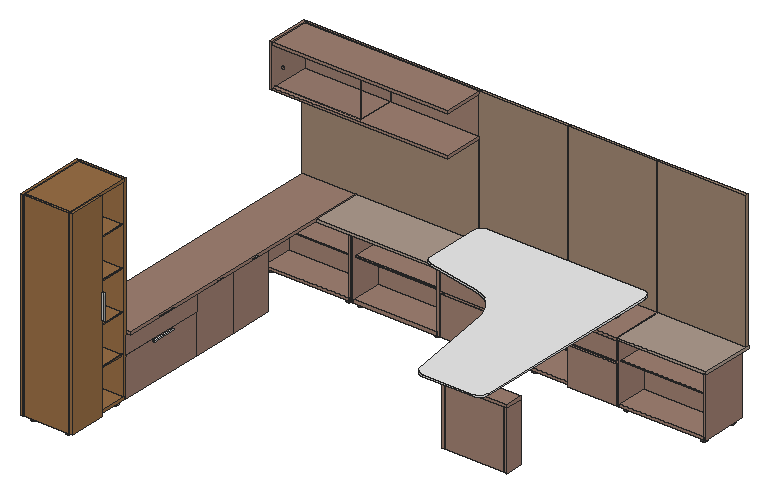
Revit family "OFS TYPICAL T100058", category Furniture, Revit 2022
Family settings
  OmniClass Number = 23.40.20.00
  OmniClass Title = General Furniture and Specialties
  Work Plane-Based = No
  Always vertical = Yes
  Cut with Voids When Loaded = No
  Render Appearance Source = Family Geometry
  Shared = No
  Room Calculation Point = No
Parameters (values of type "T100058")
  URL = "http://ofs.com/"
  Model = "T100058"
  Manufacturer = "OFS"
  Description = "OFS TYPICAL T100058"
  Default Elevation = 0' - 0"
  Copyright © = "©OFS 2024"
  Catalog = ""
  Authoring Version = "Autodesk Revit 2018"
  Assembly Code = "E2020200"
Reference planes (in)
  plane 1 "Center Front/Back": y = 0
  plane 2: z = 0
  plane 3 "Center Left/Right": x = 0
Dimensions and locks (in)
  nested 12 to nested 7 = 12' - 6"
  nested 1 to nested 9 = 10' - 0.0005"
  aligned and locked: level to plane 2
Nested families (in)
  nested 1: "OFS_APTOS_TALL_STORAGE_ HINGED_DOOR_LEFT___OPEN" at (-88.625, -120.0005, 0) x (0, 1, 0) z (0, 0, 1), type "TALL STORAGE, HINGED DOOR LEFT & OPEN 24''"
  nested 2: "OFS APTOS Wallmount Organizer Open End Sliding Glass Door Left" at (-58.625, 0, 0), type "Wallmount Organizer Open End Sliding Glass Door Left 60"
  nested 3: "OFS APTOS Height Adjustable Peninsula Sweep Top 74W 60D Corian Top 18D Right" at (-22.5, -37, 0) x (0, 1, 0) z (0, 0, 1), type "Height Adjustable Peninsula Sweep Top 74W 60D Right Corian Top 18D Right"
    with Worksurface Height 2' - 3", Right Column no, Right 4H4 yes, Left Column no, Left 4H4 no, H4H Height Adjustable Panel Base Option yes
  nested 4: "OFS_APTOS_LOW_HEIGHT_MODULAR_CABINET_TOP_18_DEPTH_SHORT_GRAIN" at (46.5, -8.9375, 0), type "LOW HEIGHT MODULAR CABINET TOP, 18" DEPTH 34-L1830"
  nested 5: "OFS_APTOS_LOW_HEIGHT_MODULAR_CABINET_TOP_18_DEPTH_SHORT_GRAIN" at (-49.5, -8.9375, 0), type "LOW HEIGHT MODULAR CABINET TOP, 18" DEPTH 34-L1842"
  nested 6: "OFS APTOS Filler Panel Low Height End of Run Filler" at (-8, 12, 0), type "Filler Panel Low Height End of Run Filler"
  nested 7: "OFS APTOS Low Height Modular Pedestal Open 18" at (46.5, -2.5, 0), type "Low Height Modular Pedestal Open 30"
  nested 8: "OFS APTOS 18D Low Height Modular Cabinet Top Long Grain" at (-103.5, -48, 0) x (0, 1, 0) z (0, 0, 1), type "18D Low Height Modular Cabinet Top 96" Width"
  nested 9: "OFS APTOS Tackboard Overhead Over Low Height Cabinets" at (-58.625, 0, 0), type "Tackboard Overhead Over Low Height Cabinets 60"
  nested 10: "OFS APTOS Tackboard Low Height Cabinets" at (-13.625, 0, 14.5), type "Tackboard Low Height Cabinets 30"
  nested 11: "OFS APTOS Low Height Modular Pedestal Open 18" at (-43.5, -2.5, 0) x (-1, 0, 0) z (0, 0, 1), type "Low Height Modular Pedestal Open 30"
  nested 12: "OFS APTOS Low Height Modular Pedestal Open 18" at (-73.5, -2.5, 0), type "Low Height Modular Pedestal Open 30"
  nested 13: "OFS APTOS Low Height Modular Pedestal Hinged Door" at (-88.625, -51, 0) x (0, 1, 0) z (0, 0, 1), type "Low Height Modular Pedestal Hinged Door 18" Depth, 30" Width"
  nested 14: "OFS APTOS Low Height Modular Pedestal Box-File" at (-88.625, -81, 0) x (0, -1, 0) z (0, 0, 1), type "Low Height Modular Pedestal Box/File 30"
  nested 15: "OFS APTOS Tackboard Low Height Cabinets" at (16.375, 0, 14.5) x (-1, 0, 0) z (0, 0, 1), type "Tackboard Low Height Cabinets 30"
  nested 16: "OFS APTOS Tackboard Low Height Cabinets" at (46.375, 0, 14.5), type "Tackboard Low Height Cabinets 30"
Definition of nested family "OFS_APTOS_TALL_STORAGE_ HINGED_DOOR_LEFT___OPEN"
  Parameters (values of type "TALL STORAGE, HINGED DOOR RIGHT & OPEN 36'' 2")
    URL = "http://ofsbrands.com/products/casegoods/private-office/aptos"
    Model = "34-3668RSC1"
    Manufacturer = "OFS BRANDS"
    Description = "OFS BRANDS Serie Aptos"
    Default Elevation = 0' - 0"
    Copyright © = "© OFS BRANDS 2016"
    Catalog = "OFS BRANDS http://ofs.com"
    Authoring Version = "Autodesk Revit Architecture 2013"
    Assembly Code = "E2020200"
    34-3668RSC1S = no
    34-3668RSC1 = yes
    34-3668LSC1S = no
    34-3668LSC1 = no
    34-3068RSC1S = no
    34-3068RSC1 = no
    34-3068LSC1S = no
    34-3068LSC1 = no
    34-2468RSC1S = no
    34-2468RSC1 = no
    34-2468LSC1S = no
    34-2468LSC1 = no
  Types (13): name | Model | 34-3668RSC1S | 34-3668RSC1 | 34-3668LSC1S | 34-3668LSC1 | 34-3068RSC1S | 34-3068RSC1 | 34-3068LSC1S | 34-3068LSC1 | 34-2468RSC1S | 34-2468RSC1 | 34-2468LSC1S | 34-2468LSC1
    (no name) | "34-3668RSC1" | no | yes | no | no | no | no | no | no | no | no | no | no
    TALL STORAGE, HINGED DOOR LEFT & OPEN 24'' | "34-2468LSC1S" | no | no | no | no | no | no | no | no | no | no | yes | no
    TALL STORAGE, HINGED DOOR LEFT & OPEN 24'' 2 | "34-2468LSC1" | no | no | no | no | no | no | no | no | no | no | no | yes
    TALL STORAGE, HINGED DOOR LEFT & OPEN 30'' | "34-3068LSC1S" | no | no | no | no | no | no | yes | no | no | no | no | no
    TALL STORAGE, HINGED DOOR LEFT & OPEN 30'' 2 | "34-3068LSC1" | no | no | no | no | no | no | no | yes | no | no | no | no
    TALL STORAGE, HINGED DOOR LEFT & OPEN 36'' | "34-3668LSC1S" | no | no | yes | no | no | no | no | no | no | no | no | no
    TALL STORAGE, HINGED DOOR LEFT & OPEN 36'' 2 | "34-3668LSC1" | no | no | no | yes | no | no | no | no | no | no | no | no
    TALL STORAGE, HINGED DOOR RIGHT & OPEN 24'' | "34-2468RSC1S" | no | no | no | no | no | no | no | no | yes | no | no | no
    TALL STORAGE, HINGED DOOR RIGHT & OPEN 24'' 2 | "34-2468RSC1" | no | no | no | no | no | no | no | no | no | yes | no | no
    TALL STORAGE, HINGED DOOR RIGHT & OPEN 30'' | "34-3068RSC1S" | no | no | no | no | yes | no | no | no | no | no | no | no
    TALL STORAGE, HINGED DOOR RIGHT & OPEN 30'' 2 | "34-3068RSC1" | no | no | no | no | no | yes | no | no | no | no | no | no
    TALL STORAGE, HINGED DOOR RIGHT & OPEN 36'' | "34-3668RSC1S" | yes | no | no | no | no | no | no | no | no | no | no | no
    TALL STORAGE, HINGED DOOR RIGHT & OPEN 36'' 2 | "34-3668RSC1" | no | yes | no | no | no | no | no | no | no | no | no | no
  Reference planes (in)
    plane 1 "Center (Front/Back)": y = 0
    plane 2: z = 0
    plane 3 "Center (Left/Right)": x = 0
  Dimensions and locks (in)
    aligned and locked: level to plane 2
  Nested families (in)
    nested 1: "34-2468LSC1S" at (0, 0, 0), visible <- "34-2468LSC1S", type "34-2468LSC1S"
    nested 2: "34-2468LSC1" at (0, 0, 0), visible <- "34-2468LSC1", type "34-2468LSC1"
    nested 3: "34-2468RSC1S" at (0, 0, 0), visible <- "34-2468RSC1S", type "34-2468RSC1S"
    nested 4: "34-2468RSC1" at (0, 0, 0), visible <- "34-2468RSC1", type "34-2468RSC1"
    nested 5: "34-3068LSC1S" at (0, 0, 0), visible <- "34-3068LSC1S", type "34-3068LSC1S"
    nested 6: "34-3068LSC1" at (0, 0, 0), visible <- "34-3068LSC1", type "34-3068LSC1"
    nested 7: "34-3068RSC1S" at (0, 0, 0), visible <- "34-3068RSC1S", type "34-3068RSC1S"
    nested 8: "34-3068RSC1" at (0, 0, 0), visible <- "34-3068RSC1", type "34-3068RSC1"
    nested 9: "34-3668LSC1S" at (0, 0, 0), visible <- "34-3668LSC1S", type "34-3668LSC1S"
    nested 10: "34-3668LSC1" at (0, 0, 0), visible <- "34-3668LSC1", type "34-3668LSC1"
    nested 11: "34-3668RSC1S" at (0, 0, 0), visible <- "34-3668RSC1S", type "34-3668RSC1S"
    nested 12: "34-3668RSC1" at (0, 0, 0), visible <- "34-3668RSC1", type "34-3668RSC1"
  Definition of nested family "34-2468LSC1S"
    Parameters
      PULL = none
      FOOT_2 = none
      FOOT = none
      FINISH = none
      Default Elevation = 0' - 0"
    Reference planes (in)
      plane 1 "Center (Front/Back)": y = 0
      plane 2: z = 0
      plane 3 "Center (Left/Right)": x = 0
    Forms (in)
      Extrusion 1, solid, material <- "FINISH"
        sketch origin (0.0625, 1.125, 0) x (1, 0, 0) y (0, 0, 1)
          loop
            line (-0.0625, 1.5) -> (0.6875, 1.5) -> (0.6875, 68.49925) -> (-0.0625, 68.49925) -> (-0.0625, 1.5)
        from 2.2505 to 17.68775
      Extrusion 2, solid, material <- "FINISH"
        sketch origin (23.938, 1.125, 0) x (-1, 0, 0) y (0, 0, -1)
          loop
            line (-0.0625, -1.5) -> (-0.0625, -68.49925) -> (0.6875, -68.49925) -> (0.6875, -1.5) -> (-0.0625, -1.5)
        from 2.2505 to 17.68775
      Revolve 3, solid, material <- "FOOT"
        sketch origin (23.9375, -2.9375, 0) x (-1, 0, 0) y (0, 0, -1)
          loop
            line (1.9375, -1.5) -> (1.9375, -0.25) -> (1.12603, -0.25)
            arc (1.12603, -0.25) -> (1.09641, -0.26212) -> (1.08378, -0.29152) r 0.04226
            line (1.08378, -0.29152) -> (1.06268, -1.5) -> (1.9375, -1.5)
          axis (1.9375, -0.25) -> (1.9375, -1.5)
        angle from 0 to 360
      Revolve 4, solid, material <- "FOOT_2"
        sketch origin (22, 0, 0) x (0, 1, 0) y (0, 0, -1)
          loop
            line (-2.84224, -0.25) -> (-2.57818, -0.25) -> (-2.57818, -0.21141) -> (-2.5183, -0.21141)
            arc (-2.5183, -0.21141) -> (-2.4126, -0.1057) -> (-2.5183, 0) r 0.1057
            line (-2.5183, 0) -> (-2.72, 0) -> (-2.72, -0.139) -> (-2.76153, -0.139)
            arc (-2.76153, -0.139) -> (-2.8173, -0.18329) -> (-2.84224, -0.25) r 0.13306
          axis (-2.9375, -0.25) -> (-2.9375, 0)
        angle from 0 to 360
      Revolve 5, solid, material <- "FOOT"
        sketch origin (3.90849, -2.9375, -0.00025) x (-1, 0, 0) y (0, 0, -1)
          loop
            line (1.9375, -1.5) -> (1.9375, -0.25) -> (1.12603, -0.25)
            arc (1.12603, -0.25) -> (1.09641, -0.26212) -> (1.08378, -0.29152) r 0.04226
            line (1.08378, -0.29152) -> (1.06268, -1.5) -> (1.9375, -1.5)
          axis (1.9375, -0.25) -> (1.9375, -1.5)
        angle from 0 to 360
      Revolve 6, solid, material <- "FOOT_2"
        sketch origin (1.97099, 0, -0.00025) x (0, 1, 0) y (0, 0, -1)
          loop
            line (-2.84224, -0.25) -> (-2.57818, -0.25) -> (-2.57818, -0.21141) -> (-2.5183, -0.21141)
            arc (-2.5183, -0.21141) -> (-2.4126, -0.1057) -> (-2.5183, 0) r 0.1057
            line (-2.5183, 0) -> (-2.72, 0) -> (-2.72, -0.139) -> (-2.76153, -0.139)
            arc (-2.76153, -0.139) -> (-2.8173, -0.18329) -> (-2.84224, -0.25) r 0.13306
          axis (-2.9375, -0.25) -> (-2.9375, 0)
        angle from 0 to 360
      Extrusion 7, solid, material <- "FINISH"
        sketch origin (35.97049, 16.7505, 0) x (-1, 0, 0) y (0, 0, -1)
          loop
            line (11.96999, -1.5) -> (11.96999, -68.49925) -> (35.97049, -68.49925) -> (35.97049, -1.5) -> (11.96999, -1.5)
        from 16.7505 to 17.7505
      Extrusion 8, solid, material <- "FINISH"
        sketch origin (24.84599, 1.125, 0) x (1, 0, 0) y (0, 0, 1)
          loop
            line (-24.09599, 1.5) -> (-1.59549, 1.5) -> (-1.59549, 2.49975) -> (-24.09599, 2.49975) -> (-24.09599, 1.5)
        from 2.125 to 17.68775
      Extrusion 9, solid, material <- "FINISH"
        sketch origin (24.84599, 1.125, 65.9995) x (1, 0, 0) y (0, 0, 1)
          loop
            line (-24.09599, 1.71825) -> (-1.59549, 1.71825) -> (-1.59549, 2.49975) -> (-24.09599, 2.49975) -> (-24.09599, 1.71825)
        from 2.2505 to 17.68775
      Revolve 10, solid, material <- "FOOT"
        sketch origin (23.9375, -14.75006, 0) x (-1, 0, 0) y (0, 0, -1)
          loop
            line (1.9375, -1.5) -> (1.9375, -0.25) -> (1.12603, -0.25)
            arc (1.12603, -0.25) -> (1.09641, -0.26212) -> (1.08378, -0.29152) r 0.04226
            line (1.08378, -0.29152) -> (1.06268, -1.5) -> (1.9375, -1.5)
          axis (1.9375, -0.25) -> (1.9375, -1.5)
        angle from 0 to 360
      Revolve 11, solid, material <- "FOOT_2"
        sketch origin (22, -11.81256, 0) x (0, 1, 0) y (0, 0, -1)
          loop
            line (-2.84224, -0.25) -> (-2.57818, -0.25) -> (-2.57818, -0.21141) -> (-2.5183, -0.21141)
            arc (-2.5183, -0.21141) -> (-2.4126, -0.1057) -> (-2.5183, 0) r 0.1057
            line (-2.5183, 0) -> (-2.72, 0) -> (-2.72, -0.139) -> (-2.76153, -0.139)
            arc (-2.76153, -0.139) -> (-2.8173, -0.18329) -> (-2.84224, -0.25) r 0.13306
          axis (-2.9375, -0.25) -> (-2.9375, 0)
        angle from 0 to 360
      Revolve 12, solid, material <- "FOOT"
        sketch origin (3.90849, -14.75006, -0.00025) x (-1, 0, 0) y (0, 0, -1)
          loop
            line (1.9375, -1.5) -> (1.9375, -0.25) -> (1.12603, -0.25)
            arc (1.12603, -0.25) -> (1.09641, -0.26212) -> (1.08378, -0.29152) r 0.04226
            line (1.08378, -0.29152) -> (1.06268, -1.5) -> (1.9375, -1.5)
          axis (1.9375, -0.25) -> (1.9375, -1.5)
        angle from 0 to 360
      Revolve 13, solid, material <- "FOOT_2"
        sketch origin (1.97099, -11.81256, -0.00025) x (0, 1, 0) y (0, 0, -1)
          loop
            line (-2.84224, -0.25) -> (-2.57818, -0.25) -> (-2.57818, -0.21141) -> (-2.5183, -0.21141)
            arc (-2.5183, -0.21141) -> (-2.4126, -0.1057) -> (-2.5183, 0) r 0.1057
            line (-2.5183, 0) -> (-2.72, 0) -> (-2.72, -0.139) -> (-2.76153, -0.139)
            arc (-2.76153, -0.139) -> (-2.8173, -0.18329) -> (-2.84224, -0.25) r 0.13306
          axis (-2.9375, -0.25) -> (-2.9375, 0)
        angle from 0 to 360
      Extrusion 14, solid, material <- "PULL"
        sketch origin (23.98438, 0, 0) x (-1, 0, 0) y (0, -1, 0)
          loop
            line (11.562, 17.7505) -> (11.93339, 17.7505) -> (11.93339, 17.80546)
            arc (11.93339, 17.80546) -> (11.8677, 18.17921) -> (11.93551, 18.55257) r 1.07866
            arc (11.93551, 18.55257) -> (11.74627, 18.71161) -> (11.562, 18.54684) r 0.18868
            arc (11.562, 18.54684) -> (11.6277, 18.17615) -> (11.562, 17.80546) r 1.07866
            line (11.562, 17.80546) -> (11.562, 17.7505)
        from 31.11825 to 39.3745
      Extrusion 15, solid, material <- "FINISH"
        sketch origin (-11.96999, 0.18775, 0) x (1, 0, 0) y (0, 0, 1)
          loop
            line (11.96999, 1.5) -> (24.39236, 1.5) -> (24.39236, 68.49925) -> (11.96999, 68.49925) -> (11.96999, 1.5)
        from 16.7505 to 17.93825
      Extrusion 16, solid, material <- "FINISH"
        sketch origin (0, 0, 0) x (0, 1, 0) y (0, 0, 1)
          loop
            line (-15.8755, 15.12525) -> (-15.8755, 14.87525) -> (-15.2505, 14.25025) -> (-2.438, 14.25025) -> (-2.438, 15.12525) -> (-15.8755, 15.12525)
        from 12.5 to 23.2505
      Extrusion 17, solid, material <- "FINISH"
        sketch origin (12.4375, 1.125, 0) x (-1, 0, 0) y (0, 0, -1)
          loop
            line (-0.0625, -2.49975) -> (-0.0625, -67.71775) -> (0.6875, -67.71775) -> (0.6875, -2.49975) -> (-0.0625, -2.49975)
        from 2.2505 to 17.68775
      Extrusion 18, solid, material <- "FINISH"
        sketch origin (0, 0, 12.8745) x (0, 1, 0) y (0, 0, 1)
          loop
            line (-15.8755, 15.12525) -> (-15.8755, 14.87525) -> (-15.2505, 14.25025) -> (-2.438, 14.25025) -> (-2.438, 15.12525) -> (-15.8755, 15.12525)
        from 12.5 to 23.2505
      Extrusion 19, solid, material <- "FINISH"
        sketch origin (0, 0, 26.21875) x (0, 1, 0) y (0, 0, 1)
          loop
            line (-15.8755, 15.12525) -> (-15.8755, 14.87525) -> (-15.2505, 14.25025) -> (-2.438, 14.25025) -> (-2.438, 15.12525) -> (-15.8755, 15.12525)
        from 12.5 to 23.2505
      Extrusion 20, solid, material <- "FINISH"
        sketch origin (0, 0, 39.53125) x (0, 1, 0) y (0, 0, 1)
          loop
            line (-15.8755, 15.12525) -> (-15.8755, 14.87525) -> (-15.2505, 14.25025) -> (-2.438, 14.25025) -> (-2.438, 15.12525) -> (-15.8755, 15.12525)
        from 12.5 to 23.2505
      Extrusion 21, solid, material <- "FINISH"
        sketch origin (0.0625, -3.376, 0) x (1, 0, 0) y (0, 0, -1)
          loop
            line (0, -1.5) -> (0, -68.43675) -> (0.6875, -68.43675) -> (0.6875, -1.5) -> (0, -1.5)
        from 2.2505 to 2.376
      Extrusion 22, solid, material <- "FINISH"
        sketch origin (23.938, -3.376, 0) x (-1, 0, 0) y (0, 0, 1)
          loop
            line (0, 1.5) -> (0.6875, 1.5) -> (0.6875, 68.43675) -> (0, 68.43675) -> (0, 1.5)
        from 2.2505 to 2.376
    Dimensions and locks (in)
      aligned and locked: level to plane 2
  Definition of nested family "34-2468LSC1"
    Parameters
      PULL = none
      FOOT_2 = none
      FOOT = none
      FINISH = none
      Default Elevation = 0' - 0"
    Reference planes (in)
      plane 1 "Center (Front/Back)": y = 0
      plane 2: z = 0
      plane 3 "Center (Left/Right)": x = 0
    Forms (in)
      Extrusion 1, solid, material <- "FINISH"
        sketch origin (0.0625, 1.125, 0) x (1, 0, 0) y (0, 0, 1)
          loop
            line (-0.0625, 1.5) -> (0.6875, 1.5) -> (0.6875, 68.49925) -> (-0.0625, 68.49925) -> (-0.0625, 1.5)
        from 2.2505 to 23.68825
      Extrusion 2, solid, material <- "FINISH"
        sketch origin (23.938, 1.125, 0) x (-1, 0, 0) y (0, 0, -1)
          loop
            line (-0.0625, -1.5) -> (-0.0625, -68.49925) -> (0.6875, -68.49925) -> (0.6875, -1.5) -> (-0.0625, -1.5)
        from 2.2505 to 23.68825
      Revolve 3, solid, material <- "FOOT"
        sketch origin (23.9375, -2.9375, 0) x (-1, 0, 0) y (0, 0, -1)
          loop
            line (1.9375, -1.5) -> (1.9375, -0.25) -> (1.12603, -0.25)
            arc (1.12603, -0.25) -> (1.09641, -0.26212) -> (1.08378, -0.29152) r 0.04226
            line (1.08378, -0.29152) -> (1.06268, -1.5) -> (1.9375, -1.5)
          axis (1.9375, -0.25) -> (1.9375, -1.5)
        angle from 0 to 360
      Revolve 4, solid, material <- "FOOT_2"
        sketch origin (22, 0, 0) x (0, 1, 0) y (0, 0, -1)
          loop
            line (-2.84224, -0.25) -> (-2.57818, -0.25) -> (-2.57818, -0.21141) -> (-2.5183, -0.21141)
            arc (-2.5183, -0.21141) -> (-2.4126, -0.1057) -> (-2.5183, 0) r 0.1057
            line (-2.5183, 0) -> (-2.72, 0) -> (-2.72, -0.139) -> (-2.76153, -0.139)
            arc (-2.76153, -0.139) -> (-2.8173, -0.18329) -> (-2.84224, -0.25) r 0.13306
          axis (-2.9375, -0.25) -> (-2.9375, 0)
        angle from 0 to 360
      Revolve 5, solid, material <- "FOOT"
        sketch origin (3.90849, -2.9375, -0.00025) x (-1, 0, 0) y (0, 0, -1)
          loop
            line (1.9375, -1.5) -> (1.9375, -0.25) -> (1.12603, -0.25)
            arc (1.12603, -0.25) -> (1.09641, -0.26212) -> (1.08378, -0.29152) r 0.04226
            line (1.08378, -0.29152) -> (1.06268, -1.5) -> (1.9375, -1.5)
          axis (1.9375, -0.25) -> (1.9375, -1.5)
        angle from 0 to 360
      Revolve 6, solid, material <- "FOOT_2"
        sketch origin (1.97099, 0, -0.00025) x (0, 1, 0) y (0, 0, -1)
          loop
            line (-2.84224, -0.25) -> (-2.57818, -0.25) -> (-2.57818, -0.21141) -> (-2.5183, -0.21141)
            arc (-2.5183, -0.21141) -> (-2.4126, -0.1057) -> (-2.5183, 0) r 0.1057
            line (-2.5183, 0) -> (-2.72, 0) -> (-2.72, -0.139) -> (-2.76153, -0.139)
            arc (-2.76153, -0.139) -> (-2.8173, -0.18329) -> (-2.84224, -0.25) r 0.13306
          axis (-2.9375, -0.25) -> (-2.9375, 0)
        angle from 0 to 360
      Extrusion 7, solid, material <- "FINISH"
        sketch origin (35.97049, 16.7505, 0) x (-1, 0, 0) y (0, 0, -1)
          loop
            line (11.96999, -1.5) -> (11.96999, -68.49925) -> (35.97049, -68.49925) -> (35.97049, -1.5) -> (11.96999, -1.5)
        from 16.7505 to 17.7505
      Extrusion 8, solid, material <- "FINISH"
        sketch origin (24.84599, 1.125, 0) x (1, 0, 0) y (0, 0, 1)
          loop
            line (-24.09599, 1.5) -> (-1.59549, 1.5) -> (-1.59549, 2.49975) -> (-24.09599, 2.49975) -> (-24.09599, 1.5)
        from 2.125 to 23.68825
      Extrusion 9, solid, material <- "FINISH"
        sketch origin (24.84599, 1.125, 65.9995) x (1, 0, 0) y (0, 0, 1)
          loop
            line (-24.09599, 1.71825) -> (-1.59549, 1.71825) -> (-1.59549, 2.49975) -> (-24.09599, 2.49975) -> (-24.09599, 1.71825)
        from 2.2505 to 23.68825
      Revolve 10, solid, material <- "FOOT"
        sketch origin (23.9375, -20.75056, 0) x (-1, 0, 0) y (0, 0, -1)
          loop
            line (1.9375, -1.5) -> (1.9375, -0.25) -> (1.12603, -0.25)
            arc (1.12603, -0.25) -> (1.09641, -0.26212) -> (1.08378, -0.29152) r 0.04226
            line (1.08378, -0.29152) -> (1.06268, -1.5) -> (1.9375, -1.5)
          axis (1.9375, -0.25) -> (1.9375, -1.5)
        angle from 0 to 360
      Revolve 11, solid, material <- "FOOT_2"
        sketch origin (22, -17.81306, 0) x (0, 1, 0) y (0, 0, -1)
          loop
            line (-2.84224, -0.25) -> (-2.57818, -0.25) -> (-2.57818, -0.21141) -> (-2.5183, -0.21141)
            arc (-2.5183, -0.21141) -> (-2.4126, -0.1057) -> (-2.5183, 0) r 0.1057
            line (-2.5183, 0) -> (-2.72, 0) -> (-2.72, -0.139) -> (-2.76153, -0.139)
            arc (-2.76153, -0.139) -> (-2.8173, -0.18329) -> (-2.84224, -0.25) r 0.13306
          axis (-2.9375, -0.25) -> (-2.9375, 0)
        angle from 0 to 360
      Revolve 12, solid, material <- "FOOT"
        sketch origin (3.90849, -20.75056, -0.00025) x (-1, 0, 0) y (0, 0, -1)
          loop
            line (1.9375, -1.5) -> (1.9375, -0.25) -> (1.12603, -0.25)
            arc (1.12603, -0.25) -> (1.09641, -0.26212) -> (1.08378, -0.29152) r 0.04226
            line (1.08378, -0.29152) -> (1.06268, -1.5) -> (1.9375, -1.5)
          axis (1.9375, -0.25) -> (1.9375, -1.5)
        angle from 0 to 360
      Revolve 13, solid, material <- "FOOT_2"
        sketch origin (1.97099, -17.81306, -0.00025) x (0, 1, 0) y (0, 0, -1)
          loop
            line (-2.84224, -0.25) -> (-2.57818, -0.25) -> (-2.57818, -0.21141) -> (-2.5183, -0.21141)
            arc (-2.5183, -0.21141) -> (-2.4126, -0.1057) -> (-2.5183, 0) r 0.1057
            line (-2.5183, 0) -> (-2.72, 0) -> (-2.72, -0.139) -> (-2.76153, -0.139)
            arc (-2.76153, -0.139) -> (-2.8173, -0.18329) -> (-2.84224, -0.25) r 0.13306
          axis (-2.9375, -0.25) -> (-2.9375, 0)
        angle from 0 to 360
      Extrusion 14, solid, material <- "PULL"
        sketch origin (23.98438, -6.0005, 0) x (-1, 0, 0) y (0, -1, 0)
          loop
            line (11.562, 17.7505) -> (11.93339, 17.7505) -> (11.93339, 17.80546)
            arc (11.93339, 17.80546) -> (11.8677, 18.17921) -> (11.93551, 18.55257) r 1.07866
            arc (11.93551, 18.55257) -> (11.74627, 18.71161) -> (11.562, 18.54684) r 0.18868
            arc (11.562, 18.54684) -> (11.6277, 18.17615) -> (11.562, 17.80546) r 1.07866
            line (11.562, 17.80546) -> (11.562, 17.7505)
        from 31.11825 to 39.3745
      Extrusion 15, solid, material <- "FINISH"
        sketch origin (-11.96999, -5.81275, 0) x (1, 0, 0) y (0, 0, 1)
          loop
            line (11.96999, 1.5) -> (24.39236, 1.5) -> (24.39236, 68.49925) -> (11.96999, 68.49925) -> (11.96999, 1.5)
        from 16.7505 to 17.93825
      Extrusion 16, solid, material <- "FINISH"
        sketch origin (0, -6, 0) x (0, 1, 0) y (0, 0, 1)
          loop
            line (-15.8755, 15.12525) -> (-15.8755, 14.87525) -> (-15.2505, 14.25025) -> (3.562, 14.25025) -> (3.562, 15.12525) -> (-15.8755, 15.12525)
        from 12.5 to 23.2505
      Extrusion 17, solid, material <- "FINISH"
        sketch origin (12.4375, 1.125, 0) x (-1, 0, 0) y (0, 0, -1)
          loop
            line (-0.0625, -2.49975) -> (-0.0625, -67.71775) -> (0.6875, -67.71775) -> (0.6875, -2.49975) -> (-0.0625, -2.49975)
        from 2.2505 to 23.68825
      Extrusion 18, solid, material <- "FINISH"
        sketch origin (0, -6, 12.8745) x (0, 1, 0) y (0, 0, 1)
          loop
            line (-15.8755, 15.12525) -> (-15.8755, 14.87525) -> (-15.2505, 14.25025) -> (3.562, 14.25025) -> (3.562, 15.12525) -> (-15.8755, 15.12525)
        from 12.5 to 23.2505
      Extrusion 19, solid, material <- "FINISH"
        sketch origin (0, -6, 26.21875) x (0, 1, 0) y (0, 0, 1)
          loop
            line (-15.8755, 15.12525) -> (-15.8755, 14.87525) -> (-15.2505, 14.25025) -> (3.562, 14.25025) -> (3.562, 15.12525) -> (-15.8755, 15.12525)
        from 12.5 to 23.2505
      Extrusion 20, solid, material <- "FINISH"
        sketch origin (0, -6, 39.53125) x (0, 1, 0) y (0, 0, 1)
          loop
            line (-15.8755, 15.12525) -> (-15.8755, 14.87525) -> (-15.2505, 14.25025) -> (3.562, 14.25025) -> (3.562, 15.12525) -> (-15.8755, 15.12525)
        from 12.5 to 23.2505
      Extrusion 21, solid, material <- "FINISH"
        sketch origin (0.0625, -3.376, 0) x (1, 0, 0) y (0, 0, -1)
          loop
            line (0, -1.5) -> (0, -68.43675) -> (0.6875, -68.43675) -> (0.6875, -1.5) -> (0, -1.5)
        from 2.2505 to 2.376
      Extrusion 22, solid, material <- "FINISH"
        sketch origin (23.938, -3.376, 0) x (-1, 0, 0) y (0, 0, 1)
          loop
            line (0, 1.5) -> (0.6875, 1.5) -> (0.6875, 68.43675) -> (0, 68.43675) -> (0, 1.5)
        from 2.2505 to 2.376
    Dimensions and locks (in)
      aligned and locked: level to plane 2
  Definition of nested family "34-2468RSC1S"
    Parameters
      PULL = none
      FOOT_2 = none
      FOOT = none
      FINISH = none
      Default Elevation = 0' - 0"
    Reference planes (in)
      plane 1 "Center (Front/Back)": y = 0
      plane 2: z = 0
      plane 3 "Center (Left/Right)": x = 0
    Forms (in)
      Extrusion 1, solid, material <- "FINISH"
        sketch origin (0.0625, 1.125, 0) x (1, 0, 0) y (0, 0, 1)
          loop
            line (-0.0625, 1.5) -> (0.6875, 1.5) -> (0.6875, 68.49925) -> (-0.0625, 68.49925) -> (-0.0625, 1.5)
        from 2.2505 to 17.68775
      Extrusion 2, solid, material <- "FINISH"
        sketch origin (23.938, 1.125, 0) x (-1, 0, 0) y (0, 0, -1)
          loop
            line (-0.0625, -1.5) -> (-0.0625, -68.49925) -> (0.6875, -68.49925) -> (0.6875, -1.5) -> (-0.0625, -1.5)
        from 2.2505 to 17.68775
      Revolve 3, solid, material <- "FOOT"
        sketch origin (0.063, -2.9375, 0) x (1, 0, 0) y (0, 0, 1)
          loop
            line (1.9375, 1.5) -> (1.06268, 1.5) -> (1.08378, 0.29152)
            arc (1.08378, 0.29152) -> (1.09641, 0.26212) -> (1.12603, 0.25) r 0.04226
            line (1.12603, 0.25) -> (1.9375, 0.25) -> (1.9375, 1.5)
          axis (1.9375, 0.25) -> (1.9375, 1.5)
        angle from 0 to 360
      Revolve 4, solid, material <- "FOOT_2"
        sketch origin (2.0005, 0, 0) x (0, 1, 0) y (0, 0, 1)
          loop
            arc (-2.84224, 0.25) -> (-2.8173, 0.18329) -> (-2.76153, 0.139) r 0.13306
            line (-2.76153, 0.139) -> (-2.72, 0.139) -> (-2.72, 0) -> (-2.5183, 0)
            arc (-2.5183, 0) -> (-2.4126, 0.1057) -> (-2.5183, 0.21141) r 0.1057
            line (-2.5183, 0.21141) -> (-2.57818, 0.21141) -> (-2.57818, 0.25) -> (-2.84224, 0.25)
          axis (-2.9375, 0.25) -> (-2.9375, 0)
        angle from 0 to 360
      Revolve 5, solid, material <- "FOOT"
        sketch origin (20.09201, -2.9375, -0.00025) x (1, 0, 0) y (0, 0, 1)
          loop
            line (1.9375, 1.5) -> (1.06268, 1.5) -> (1.08378, 0.29152)
            arc (1.08378, 0.29152) -> (1.09641, 0.26212) -> (1.12603, 0.25) r 0.04226
            line (1.12603, 0.25) -> (1.9375, 0.25) -> (1.9375, 1.5)
          axis (1.9375, 0.25) -> (1.9375, 1.5)
        angle from 0 to 360
      Revolve 6, solid, material <- "FOOT_2"
        sketch origin (22.02951, 0, -0.00025) x (0, 1, 0) y (0, 0, 1)
          loop
            arc (-2.84224, 0.25) -> (-2.8173, 0.18329) -> (-2.76153, 0.139) r 0.13306
            line (-2.76153, 0.139) -> (-2.72, 0.139) -> (-2.72, 0) -> (-2.5183, 0)
            arc (-2.5183, 0) -> (-2.4126, 0.1057) -> (-2.5183, 0.21141) r 0.1057
            line (-2.5183, 0.21141) -> (-2.57818, 0.21141) -> (-2.57818, 0.25) -> (-2.84224, 0.25)
          axis (-2.9375, 0.25) -> (-2.9375, 0)
        angle from 0 to 360
      Extrusion 7, solid, material <- "FINISH"
        sketch origin (-11.96999, 16.7505, 0) x (1, 0, 0) y (0, 0, 1)
          loop
            line (11.96999, 1.5) -> (35.97049, 1.5) -> (35.97049, 68.49925) -> (11.96999, 68.49925) -> (11.96999, 1.5)
        from 16.7505 to 17.7505
      Extrusion 8, solid, material <- "FINISH"
        sketch origin (-0.84549, 1.125, 0) x (-1, 0, 0) y (0, 0, -1)
          loop
            line (-24.09599, -1.5) -> (-24.09599, -2.49975) -> (-1.59549, -2.49975) -> (-1.59549, -1.5) -> (-24.09599, -1.5)
        from 2.125 to 17.68775
      Extrusion 9, solid, material <- "FINISH"
        sketch origin (-0.84549, 1.125, 65.9995) x (-1, 0, 0) y (0, 0, -1)
          loop
            line (-24.09599, -1.71825) -> (-24.09599, -2.49975) -> (-1.59549, -2.49975) -> (-1.59549, -1.71825) -> (-24.09599, -1.71825)
        from 2.2505 to 17.68775
      Revolve 10, solid, material <- "FOOT"
        sketch origin (0.063, -14.75006, 0) x (1, 0, 0) y (0, 0, 1)
          loop
            line (1.9375, 1.5) -> (1.06268, 1.5) -> (1.08378, 0.29152)
            arc (1.08378, 0.29152) -> (1.09641, 0.26212) -> (1.12603, 0.25) r 0.04226
            line (1.12603, 0.25) -> (1.9375, 0.25) -> (1.9375, 1.5)
          axis (1.9375, 0.25) -> (1.9375, 1.5)
        angle from 0 to 360
      Revolve 11, solid, material <- "FOOT_2"
        sketch origin (2.0005, -11.81256, 0) x (0, 1, 0) y (0, 0, 1)
          loop
            arc (-2.84224, 0.25) -> (-2.8173, 0.18329) -> (-2.76153, 0.139) r 0.13306
            line (-2.76153, 0.139) -> (-2.72, 0.139) -> (-2.72, 0) -> (-2.5183, 0)
            arc (-2.5183, 0) -> (-2.4126, 0.1057) -> (-2.5183, 0.21141) r 0.1057
            line (-2.5183, 0.21141) -> (-2.57818, 0.21141) -> (-2.57818, 0.25) -> (-2.84224, 0.25)
          axis (-2.9375, 0.25) -> (-2.9375, 0)
        angle from 0 to 360
      Revolve 12, solid, material <- "FOOT"
        sketch origin (20.09201, -14.75006, -0.00025) x (1, 0, 0) y (0, 0, 1)
          loop
            line (1.9375, 1.5) -> (1.06268, 1.5) -> (1.08378, 0.29152)
            arc (1.08378, 0.29152) -> (1.09641, 0.26212) -> (1.12603, 0.25) r 0.04226
            line (1.12603, 0.25) -> (1.9375, 0.25) -> (1.9375, 1.5)
          axis (1.9375, 0.25) -> (1.9375, 1.5)
        angle from 0 to 360
      Revolve 13, solid, material <- "FOOT_2"
        sketch origin (22.02951, -11.81256, -0.00025) x (0, 1, 0) y (0, 0, 1)
          loop
            arc (-2.84224, 0.25) -> (-2.8173, 0.18329) -> (-2.76153, 0.139) r 0.13306
            line (-2.76153, 0.139) -> (-2.72, 0.139) -> (-2.72, 0) -> (-2.5183, 0)
            arc (-2.5183, 0) -> (-2.4126, 0.1057) -> (-2.5183, 0.21141) r 0.1057
            line (-2.5183, 0.21141) -> (-2.57818, 0.21141) -> (-2.57818, 0.25) -> (-2.84224, 0.25)
          axis (-2.9375, 0.25) -> (-2.9375, 0)
        angle from 0 to 360
      Extrusion 14, solid, material <- "PULL"
        sketch origin (0.01612, 0, 0) x (1, 0, 0) y (0, 1, 0)
          loop
            line (11.562, -17.7505) -> (11.562, -17.80546)
            arc (11.562, -17.80546) -> (11.6277, -18.17615) -> (11.562, -18.54684) r 1.07866
            arc (11.562, -18.54684) -> (11.74627, -18.71161) -> (11.93551, -18.55257) r 0.18868
            arc (11.93551, -18.55257) -> (11.8677, -18.17921) -> (11.93339, -17.80546) r 1.07866
            line (11.93339, -17.80546) -> (11.93339, -17.7505) -> (11.562, -17.7505)
        from 31.11825 to 39.3745
      Extrusion 15, solid, material <- "FINISH"
        sketch origin (35.97049, 0.18775, 0) x (-1, 0, 0) y (0, 0, -1)
          loop
            line (11.96999, -1.5) -> (11.96999, -68.49925) -> (24.39236, -68.49925) -> (24.39236, -1.5) -> (11.96999, -1.5)
        from 16.7505 to 17.93825
      Extrusion 16, solid, material <- "FINISH"
        sketch origin (24.0005, 0, 0) x (0, 1, 0) y (0, 0, -1)
          loop
            line (-15.8755, -15.12525) -> (-2.438, -15.12525) -> (-2.438, -14.25025) -> (-15.2505, -14.25025) -> (-15.8755, -14.87525) -> (-15.8755, -15.12525)
        from 12.5 to 23.2505
      Extrusion 17, solid, material <- "FINISH"
        sketch origin (11.563, 1.125, 0) x (1, 0, 0) y (0, 0, 1)
          loop
            line (-0.0625, 2.49975) -> (0.6875, 2.49975) -> (0.6875, 67.71775) -> (-0.0625, 67.71775) -> (-0.0625, 2.49975)
        from 2.2505 to 17.68775
      Extrusion 18, solid, material <- "FINISH"
        sketch origin (24.0005, 0, 12.8745) x (0, 1, 0) y (0, 0, -1)
          loop
            line (-15.8755, -15.12525) -> (-2.438, -15.12525) -> (-2.438, -14.25025) -> (-15.2505, -14.25025) -> (-15.8755, -14.87525) -> (-15.8755, -15.12525)
        from 12.5 to 23.2505
      Extrusion 19, solid, material <- "FINISH"
        sketch origin (24.0005, 0, 26.21875) x (0, 1, 0) y (0, 0, -1)
          loop
            line (-15.8755, -15.12525) -> (-2.438, -15.12525) -> (-2.438, -14.25025) -> (-15.2505, -14.25025) -> (-15.8755, -14.87525) -> (-15.8755, -15.12525)
        from 12.5 to 23.2505
      Extrusion 20, solid, material <- "FINISH"
        sketch origin (24.0005, 0, 39.53125) x (0, 1, 0) y (0, 0, -1)
          loop
            line (-15.8755, -15.12525) -> (-2.438, -15.12525) -> (-2.438, -14.25025) -> (-15.2505, -14.25025) -> (-15.8755, -14.87525) -> (-15.8755, -15.12525)
        from 12.5 to 23.2505
      Extrusion 21, solid, material <- "FINISH"
        sketch origin (0.0625, -3.376, 0) x (1, 0, 0) y (0, 0, -1)
          loop
            line (0, -1.5) -> (0, -68.43675) -> (0.6875, -68.43675) -> (0.6875, -1.5) -> (0, -1.5)
        from 2.2505 to 2.376
      Extrusion 22, solid, material <- "FINISH"
        sketch origin (23.938, -3.376, 0) x (-1, 0, 0) y (0, 0, 1)
          loop
            line (0, 1.5) -> (0.6875, 1.5) -> (0.6875, 68.43675) -> (0, 68.43675) -> (0, 1.5)
        from 2.2505 to 2.376
    Dimensions and locks (in)
      aligned and locked: level to plane 2
  Definition of nested family "34-2468RSC1"
    Parameters
      PULL = none
      FOOT_2 = none
      FOOT = none
      FINISH = none
      Default Elevation = 0' - 0"
    Reference planes (in)
      plane 1 "Center (Front/Back)": y = 0
      plane 2: z = 0
      plane 3 "Center (Left/Right)": x = 0
    Forms (in)
      Extrusion 1, solid, material <- "FINISH"
        sketch origin (0.0625, 1.125, 0) x (1, 0, 0) y (0, 0, 1)
          loop
            line (-0.0625, 1.5) -> (0.6875, 1.5) -> (0.6875, 68.49925) -> (-0.0625, 68.49925) -> (-0.0625, 1.5)
        from 2.2505 to 23.68825
      Extrusion 2, solid, material <- "FINISH"
        sketch origin (23.938, 1.125, 0) x (-1, 0, 0) y (0, 0, -1)
          loop
            line (-0.0625, -1.5) -> (-0.0625, -68.49925) -> (0.6875, -68.49925) -> (0.6875, -1.5) -> (-0.0625, -1.5)
        from 2.2505 to 23.68825
      Revolve 3, solid, material <- "FOOT"
        sketch origin (0.063, -2.9375, 0) x (1, 0, 0) y (0, 0, 1)
          loop
            line (1.9375, 1.5) -> (1.06268, 1.5) -> (1.08378, 0.29152)
            arc (1.08378, 0.29152) -> (1.09641, 0.26212) -> (1.12603, 0.25) r 0.04226
            line (1.12603, 0.25) -> (1.9375, 0.25) -> (1.9375, 1.5)
          axis (1.9375, 0.25) -> (1.9375, 1.5)
        angle from 0 to 360
      Revolve 4, solid, material <- "FOOT_2"
        sketch origin (2.0005, 0, 0) x (0, 1, 0) y (0, 0, 1)
          loop
            arc (-2.84224, 0.25) -> (-2.8173, 0.18329) -> (-2.76153, 0.139) r 0.13306
            line (-2.76153, 0.139) -> (-2.72, 0.139) -> (-2.72, 0) -> (-2.5183, 0)
            arc (-2.5183, 0) -> (-2.4126, 0.1057) -> (-2.5183, 0.21141) r 0.1057
            line (-2.5183, 0.21141) -> (-2.57818, 0.21141) -> (-2.57818, 0.25) -> (-2.84224, 0.25)
          axis (-2.9375, 0.25) -> (-2.9375, 0)
        angle from 0 to 360
      Revolve 5, solid, material <- "FOOT"
        sketch origin (20.09201, -2.9375, -0.00025) x (1, 0, 0) y (0, 0, 1)
          loop
            line (1.9375, 1.5) -> (1.06268, 1.5) -> (1.08378, 0.29152)
            arc (1.08378, 0.29152) -> (1.09641, 0.26212) -> (1.12603, 0.25) r 0.04226
            line (1.12603, 0.25) -> (1.9375, 0.25) -> (1.9375, 1.5)
          axis (1.9375, 0.25) -> (1.9375, 1.5)
        angle from 0 to 360
      Revolve 6, solid, material <- "FOOT_2"
        sketch origin (22.02951, 0, -0.00025) x (0, 1, 0) y (0, 0, 1)
          loop
            arc (-2.84224, 0.25) -> (-2.8173, 0.18329) -> (-2.76153, 0.139) r 0.13306
            line (-2.76153, 0.139) -> (-2.72, 0.139) -> (-2.72, 0) -> (-2.5183, 0)
            arc (-2.5183, 0) -> (-2.4126, 0.1057) -> (-2.5183, 0.21141) r 0.1057
            line (-2.5183, 0.21141) -> (-2.57818, 0.21141) -> (-2.57818, 0.25) -> (-2.84224, 0.25)
          axis (-2.9375, 0.25) -> (-2.9375, 0)
        angle from 0 to 360
      Extrusion 7, solid, material <- "FINISH"
        sketch origin (-11.96999, 16.7505, 0) x (1, 0, 0) y (0, 0, 1)
          loop
            line (11.96999, 1.5) -> (35.97049, 1.5) -> (35.97049, 68.49925) -> (11.96999, 68.49925) -> (11.96999, 1.5)
        from 16.7505 to 17.7505
      Extrusion 8, solid, material <- "FINISH"
        sketch origin (-0.84549, 1.125, 0) x (-1, 0, 0) y (0, 0, -1)
          loop
            line (-24.09599, -1.5) -> (-24.09599, -2.49975) -> (-1.59549, -2.49975) -> (-1.59549, -1.5) -> (-24.09599, -1.5)
        from 2.125 to 23.68825
      Extrusion 9, solid, material <- "FINISH"
        sketch origin (-0.84549, 1.125, 65.9995) x (-1, 0, 0) y (0, 0, -1)
          loop
            line (-24.09599, -1.71825) -> (-24.09599, -2.49975) -> (-1.59549, -2.49975) -> (-1.59549, -1.71825) -> (-24.09599, -1.71825)
        from 2.2505 to 23.68825
      Revolve 10, solid, material <- "FOOT"
        sketch origin (0.063, -20.75056, 0) x (1, 0, 0) y (0, 0, 1)
          loop
            line (1.9375, 1.5) -> (1.06268, 1.5) -> (1.08378, 0.29152)
            arc (1.08378, 0.29152) -> (1.09641, 0.26212) -> (1.12603, 0.25) r 0.04226
            line (1.12603, 0.25) -> (1.9375, 0.25) -> (1.9375, 1.5)
          axis (1.9375, 0.25) -> (1.9375, 1.5)
        angle from 0 to 360
      Revolve 11, solid, material <- "FOOT_2"
        sketch origin (2.0005, -17.81306, 0) x (0, 1, 0) y (0, 0, 1)
          loop
            arc (-2.84224, 0.25) -> (-2.8173, 0.18329) -> (-2.76153, 0.139) r 0.13306
            line (-2.76153, 0.139) -> (-2.72, 0.139) -> (-2.72, 0) -> (-2.5183, 0)
            arc (-2.5183, 0) -> (-2.4126, 0.1057) -> (-2.5183, 0.21141) r 0.1057
            line (-2.5183, 0.21141) -> (-2.57818, 0.21141) -> (-2.57818, 0.25) -> (-2.84224, 0.25)
          axis (-2.9375, 0.25) -> (-2.9375, 0)
        angle from 0 to 360
      Revolve 12, solid, material <- "FOOT"
        sketch origin (20.09201, -20.75056, -0.00025) x (1, 0, 0) y (0, 0, 1)
          loop
            line (1.9375, 1.5) -> (1.06268, 1.5) -> (1.08378, 0.29152)
            arc (1.08378, 0.29152) -> (1.09641, 0.26212) -> (1.12603, 0.25) r 0.04226
            line (1.12603, 0.25) -> (1.9375, 0.25) -> (1.9375, 1.5)
          axis (1.9375, 0.25) -> (1.9375, 1.5)
        angle from 0 to 360
      Revolve 13, solid, material <- "FOOT_2"
        sketch origin (22.02951, -17.81306, -0.00025) x (0, 1, 0) y (0, 0, 1)
          loop
            arc (-2.84224, 0.25) -> (-2.8173, 0.18329) -> (-2.76153, 0.139) r 0.13306
            line (-2.76153, 0.139) -> (-2.72, 0.139) -> (-2.72, 0) -> (-2.5183, 0)
            arc (-2.5183, 0) -> (-2.4126, 0.1057) -> (-2.5183, 0.21141) r 0.1057
            line (-2.5183, 0.21141) -> (-2.57818, 0.21141) -> (-2.57818, 0.25) -> (-2.84224, 0.25)
          axis (-2.9375, 0.25) -> (-2.9375, 0)
        angle from 0 to 360
      Extrusion 14, solid, material <- "PULL"
        sketch origin (0.01612, -6.0005, 0) x (1, 0, 0) y (0, 1, 0)
          loop
            line (11.562, -17.7505) -> (11.562, -17.80546)
            arc (11.562, -17.80546) -> (11.6277, -18.17615) -> (11.562, -18.54684) r 1.07866
            arc (11.562, -18.54684) -> (11.74627, -18.71161) -> (11.93551, -18.55257) r 0.18868
            arc (11.93551, -18.55257) -> (11.8677, -18.17921) -> (11.93339, -17.80546) r 1.07866
            line (11.93339, -17.80546) -> (11.93339, -17.7505) -> (11.562, -17.7505)
        from 31.11825 to 39.3745
      Extrusion 15, solid, material <- "FINISH"
        sketch origin (35.97049, -5.81275, 0) x (-1, 0, 0) y (0, 0, -1)
          loop
            line (11.96999, -1.5) -> (11.96999, -68.49925) -> (24.39236, -68.49925) -> (24.39236, -1.5) -> (11.96999, -1.5)
        from 16.7505 to 17.93825
      Extrusion 16, solid, material <- "FINISH"
        sketch origin (24.0005, -6, 0) x (0, 1, 0) y (0, 0, -1)
          loop
            line (-15.8755, -15.12525) -> (3.562, -15.12525) -> (3.562, -14.25025) -> (-15.2505, -14.25025) -> (-15.8755, -14.87525) -> (-15.8755, -15.12525)
        from 12.5 to 23.2505
      Extrusion 17, solid, material <- "FINISH"
        sketch origin (11.563, 1.125, 0) x (1, 0, 0) y (0, 0, 1)
          loop
            line (-0.0625, 2.49975) -> (0.6875, 2.49975) -> (0.6875, 67.71775) -> (-0.0625, 67.71775) -> (-0.0625, 2.49975)
        from 2.2505 to 23.68825
      Extrusion 18, solid, material <- "FINISH"
        sketch origin (24.0005, -6, 12.8745) x (0, 1, 0) y (0, 0, -1)
          loop
            line (-15.8755, -15.12525) -> (3.562, -15.12525) -> (3.562, -14.25025) -> (-15.2505, -14.25025) -> (-15.8755, -14.87525) -> (-15.8755, -15.12525)
        from 12.5 to 23.2505
      Extrusion 19, solid, material <- "FINISH"
        sketch origin (24.0005, -6, 26.21875) x (0, 1, 0) y (0, 0, -1)
          loop
            line (-15.8755, -15.12525) -> (3.562, -15.12525) -> (3.562, -14.25025) -> (-15.2505, -14.25025) -> (-15.8755, -14.87525) -> (-15.8755, -15.12525)
        from 12.5 to 23.2505
      Extrusion 20, solid, material <- "FINISH"
        sketch origin (24.0005, -6, 39.53125) x (0, 1, 0) y (0, 0, -1)
          loop
            line (-15.8755, -15.12525) -> (3.562, -15.12525) -> (3.562, -14.25025) -> (-15.2505, -14.25025) -> (-15.8755, -14.87525) -> (-15.8755, -15.12525)
        from 12.5 to 23.2505
      Extrusion 21, solid, material <- "FINISH"
        sketch origin (0.0625, -3.376, 0) x (1, 0, 0) y (0, 0, -1)
          loop
            line (0, -1.5) -> (0, -68.43675) -> (0.6875, -68.43675) -> (0.6875, -1.5) -> (0, -1.5)
        from 2.2505 to 2.376
      Extrusion 22, solid, material <- "FINISH"
        sketch origin (23.938, -3.376, 0) x (-1, 0, 0) y (0, 0, 1)
          loop
            line (0, 1.5) -> (0.6875, 1.5) -> (0.6875, 68.43675) -> (0, 68.43675) -> (0, 1.5)
        from 2.2505 to 2.376
    Dimensions and locks (in)
      aligned and locked: level to plane 2
  Definition of nested family "34-3068LSC1S"
    Parameters
      PULL = none
      FOOT_2 = none
      FOOT = none
      FINISH = none
      Default Elevation = 0' - 0"
    Reference planes (in)
      plane 1 "Center (Front/Back)": y = 0
      plane 2: z = 0
      plane 3 "Center (Left/Right)": x = 0
    Forms (in)
      Extrusion 1, solid, material <- "FINISH"
        sketch origin (0.0625, 1.125, 0) x (1, 0, 0) y (0, 0, 1)
          loop
            line (-0.0625, 1.5) -> (0.6875, 1.5) -> (0.6875, 68.49925) -> (-0.0625, 68.49925) -> (-0.0625, 1.5)
        from 2.2505 to 17.68775
      Extrusion 2, solid, material <- "FINISH"
        sketch origin (29.9375, 1.125, 0) x (-1, 0, 0) y (0, 0, -1)
          loop
            line (-0.0625, -1.5) -> (-0.0625, -68.49925) -> (0.6875, -68.49925) -> (0.6875, -1.5) -> (-0.0625, -1.5)
        from 2.2505 to 17.68775
      Revolve 3, solid, material <- "FOOT"
        sketch origin (29.937, -2.9375, 0) x (-1, 0, 0) y (0, 0, -1)
          loop
            line (1.9375, -1.5) -> (1.9375, -0.25) -> (1.12603, -0.25)
            arc (1.12603, -0.25) -> (1.09641, -0.26212) -> (1.08378, -0.29152) r 0.04226
            line (1.08378, -0.29152) -> (1.06268, -1.5) -> (1.9375, -1.5)
          axis (1.9375, -0.25) -> (1.9375, -1.5)
        angle from 0 to 360
      Revolve 4, solid, material <- "FOOT_2"
        sketch origin (27.9995, 0, 0) x (0, 1, 0) y (0, 0, -1)
          loop
            line (-2.84224, -0.25) -> (-2.57818, -0.25) -> (-2.57818, -0.21141) -> (-2.5183, -0.21141)
            arc (-2.5183, -0.21141) -> (-2.4126, -0.1057) -> (-2.5183, 0) r 0.1057
            line (-2.5183, 0) -> (-2.72, 0) -> (-2.72, -0.139) -> (-2.76153, -0.139)
            arc (-2.76153, -0.139) -> (-2.8173, -0.18329) -> (-2.84224, -0.25) r 0.13306
          axis (-2.9375, -0.25) -> (-2.9375, 0)
        angle from 0 to 360
      Revolve 5, solid, material <- "FOOT"
        sketch origin (3.90849, -2.9375, -0.00025) x (-1, 0, 0) y (0, 0, -1)
          loop
            line (1.9375, -1.5) -> (1.9375, -0.25) -> (1.12603, -0.25)
            arc (1.12603, -0.25) -> (1.09641, -0.26212) -> (1.08378, -0.29152) r 0.04226
            line (1.08378, -0.29152) -> (1.06268, -1.5) -> (1.9375, -1.5)
          axis (1.9375, -0.25) -> (1.9375, -1.5)
        angle from 0 to 360
      Revolve 6, solid, material <- "FOOT_2"
        sketch origin (1.97099, 0, -0.00025) x (0, 1, 0) y (0, 0, -1)
          loop
            line (-2.84224, -0.25) -> (-2.57818, -0.25) -> (-2.57818, -0.21141) -> (-2.5183, -0.21141)
            arc (-2.5183, -0.21141) -> (-2.4126, -0.1057) -> (-2.5183, 0) r 0.1057
            line (-2.5183, 0) -> (-2.72, 0) -> (-2.72, -0.139) -> (-2.76153, -0.139)
            arc (-2.76153, -0.139) -> (-2.8173, -0.18329) -> (-2.84224, -0.25) r 0.13306
          axis (-2.9375, -0.25) -> (-2.9375, 0)
        angle from 0 to 360
      Extrusion 7, solid, material <- "FINISH"
        sketch origin (41.96999, 16.7505, 0) x (-1, 0, 0) y (0, 0, -1)
          loop
            line (11.96999, -1.5) -> (11.96999, -68.49925) -> (41.96999, -68.49925) -> (41.96999, -1.5) -> (11.96999, -1.5)
        from 16.7505 to 17.7505
      Extrusion 8, solid, material <- "FINISH"
        sketch origin (30.84549, 1.125, 0) x (1, 0, 0) y (0, 0, 1)
          loop
            line (-30.09549, 1.5) -> (-1.59549, 1.5) -> (-1.59549, 2.49975) -> (-30.09549, 2.49975) -> (-30.09549, 1.5)
        from 2.125 to 17.68775
      Extrusion 9, solid, material <- "FINISH"
        sketch origin (30.84549, 1.125, 65.9995) x (1, 0, 0) y (0, 0, 1)
          loop
            line (-30.09549, 1.71825) -> (-1.59549, 1.71825) -> (-1.59549, 2.49975) -> (-30.09549, 2.49975) -> (-30.09549, 1.71825)
        from 2.2505 to 17.68775
      Revolve 10, solid, material <- "FOOT"
        sketch origin (29.937, -14.75006, 0) x (-1, 0, 0) y (0, 0, -1)
          loop
            line (1.9375, -1.5) -> (1.9375, -0.25) -> (1.12603, -0.25)
            arc (1.12603, -0.25) -> (1.09641, -0.26212) -> (1.08378, -0.29152) r 0.04226
            line (1.08378, -0.29152) -> (1.06268, -1.5) -> (1.9375, -1.5)
          axis (1.9375, -0.25) -> (1.9375, -1.5)
        angle from 0 to 360
      Revolve 11, solid, material <- "FOOT_2"
        sketch origin (27.9995, -11.81256, 0) x (0, 1, 0) y (0, 0, -1)
          loop
            line (-2.84224, -0.25) -> (-2.57818, -0.25) -> (-2.57818, -0.21141) -> (-2.5183, -0.21141)
            arc (-2.5183, -0.21141) -> (-2.4126, -0.1057) -> (-2.5183, 0) r 0.1057
            line (-2.5183, 0) -> (-2.72, 0) -> (-2.72, -0.139) -> (-2.76153, -0.139)
            arc (-2.76153, -0.139) -> (-2.8173, -0.18329) -> (-2.84224, -0.25) r 0.13306
          axis (-2.9375, -0.25) -> (-2.9375, 0)
        angle from 0 to 360
      Revolve 12, solid, material <- "FOOT"
        sketch origin (3.90849, -14.75006, -0.00025) x (-1, 0, 0) y (0, 0, -1)
          loop
            line (1.9375, -1.5) -> (1.9375, -0.25) -> (1.12603, -0.25)
            arc (1.12603, -0.25) -> (1.09641, -0.26212) -> (1.08378, -0.29152) r 0.04226
            line (1.08378, -0.29152) -> (1.06268, -1.5) -> (1.9375, -1.5)
          axis (1.9375, -0.25) -> (1.9375, -1.5)
        angle from 0 to 360
      Revolve 13, solid, material <- "FOOT_2"
        sketch origin (1.97099, -11.81256, -0.00025) x (0, 1, 0) y (0, 0, -1)
          loop
            line (-2.84224, -0.25) -> (-2.57818, -0.25) -> (-2.57818, -0.21141) -> (-2.5183, -0.21141)
            arc (-2.5183, -0.21141) -> (-2.4126, -0.1057) -> (-2.5183, 0) r 0.1057
            line (-2.5183, 0) -> (-2.72, 0) -> (-2.72, -0.139) -> (-2.76153, -0.139)
            arc (-2.76153, -0.139) -> (-2.8173, -0.18329) -> (-2.84224, -0.25) r 0.13306
          axis (-2.9375, -0.25) -> (-2.9375, 0)
        angle from 0 to 360
      Extrusion 14, solid, material <- "PULL"
        sketch origin (26.95263, 0, 0) x (-1, 0, 0) y (0, -1, 0)
          loop
            line (11.562, 17.7505) -> (11.93339, 17.7505) -> (11.93339, 17.80546)
            arc (11.93339, 17.80546) -> (11.8677, 18.17921) -> (11.93551, 18.55257) r 1.07866
            arc (11.93551, 18.55257) -> (11.74627, 18.71161) -> (11.562, 18.54684) r 0.18868
            arc (11.562, 18.54684) -> (11.6277, 18.17615) -> (11.562, 17.80546) r 1.07866
            line (11.562, 17.80546) -> (11.562, 17.7505)
        from 31.11825 to 39.3745
      Extrusion 15, solid, material <- "FINISH"
        sketch origin (-5.97049, 0.18775, 0) x (1, 0, 0) y (0, 0, 1)
          loop
            line (5.97049, 1.5) -> (21.34549, 1.5) -> (21.34549, 68.49925) -> (5.97049, 68.49925) -> (5.97049, 1.5)
        from 16.7505 to 17.93825
      Extrusion 16, solid, material <- "FINISH"
        sketch origin (5.9995, 0, 0) x (0, 1, 0) y (0, 0, 1)
          loop
            line (-15.8755, 15.12525) -> (-15.8755, 14.87525) -> (-15.2505, 14.25025) -> (-2.438, 14.25025) -> (-2.438, 15.12525) -> (-15.8755, 15.12525)
        from 9.5005 to 23.2505
      Extrusion 17, solid, material <- "FINISH"
        sketch origin (15.4375, 1.125, 0) x (-1, 0, 0) y (0, 0, -1)
          loop
            line (-0.0625, -2.49975) -> (-0.0625, -67.71775) -> (0.6875, -67.71775) -> (0.6875, -2.49975) -> (-0.0625, -2.49975)
        from 2.2505 to 17.68775
      Extrusion 18, solid, material <- "FINISH"
        sketch origin (5.9995, 0, 12.8745) x (0, 1, 0) y (0, 0, 1)
          loop
            line (-15.8755, 15.12525) -> (-15.8755, 14.87525) -> (-15.2505, 14.25025) -> (-2.438, 14.25025) -> (-2.438, 15.12525) -> (-15.8755, 15.12525)
        from 9.5005 to 23.2505
      Extrusion 19, solid, material <- "FINISH"
        sketch origin (5.9995, 0, 26.21875) x (0, 1, 0) y (0, 0, 1)
          loop
            line (-15.8755, 15.12525) -> (-15.8755, 14.87525) -> (-15.2505, 14.25025) -> (-2.438, 14.25025) -> (-2.438, 15.12525) -> (-15.8755, 15.12525)
        from 9.5005 to 23.2505
      Extrusion 20, solid, material <- "FINISH"
        sketch origin (5.9995, 0, 39.53125) x (0, 1, 0) y (0, 0, 1)
          loop
            line (-15.8755, 15.12525) -> (-15.8755, 14.87525) -> (-15.2505, 14.25025) -> (-2.438, 14.25025) -> (-2.438, 15.12525) -> (-15.8755, 15.12525)
        from 9.5005 to 23.2505
      Extrusion 21, solid, material <- "FINISH"
        sketch origin (0.0625, -3.376, 0) x (1, 0, 0) y (0, 0, -1)
          loop
            line (0, -1.5) -> (0, -68.43675) -> (0.6875, -68.43675) -> (0.6875, -1.5) -> (0, -1.5)
        from 2.2505 to 2.376
      Extrusion 22, solid, material <- "FINISH"
        sketch origin (29.9375, -3.376, 0) x (-1, 0, 0) y (0, 0, 1)
          loop
            line (0, 1.5) -> (0.6875, 1.5) -> (0.6875, 68.43675) -> (0, 68.43675) -> (0, 1.5)
        from 2.2505 to 2.376
    Dimensions and locks (in)
      aligned and locked: level to plane 2
  Definition of nested family "34-3068LSC1"
    Parameters
      PULL = none
      FOOT_2 = none
      FOOT = none
      FINISH = none
      Default Elevation = 0' - 0"
    Reference planes (in)
      plane 1 "Center (Front/Back)": y = 0
      plane 2: z = 0
      plane 3 "Center (Left/Right)": x = 0
    Forms (in)
      Extrusion 1, solid, material <- "FINISH"
        sketch origin (0.0625, 1.125, 0) x (1, 0, 0) y (0, 0, 1)
          loop
            line (-0.0625, 1.5) -> (0.6875, 1.5) -> (0.6875, 68.49925) -> (-0.0625, 68.49925) -> (-0.0625, 1.5)
        from 2.2505 to 23.68825
      Extrusion 2, solid, material <- "FINISH"
        sketch origin (29.9375, 1.125, 0) x (-1, 0, 0) y (0, 0, -1)
          loop
            line (-0.0625, -1.5) -> (-0.0625, -68.49925) -> (0.6875, -68.49925) -> (0.6875, -1.5) -> (-0.0625, -1.5)
        from 2.2505 to 23.68825
      Revolve 3, solid, material <- "FOOT"
        sketch origin (29.937, -2.9375, 0) x (-1, 0, 0) y (0, 0, -1)
          loop
            line (1.9375, -1.5) -> (1.9375, -0.25) -> (1.12603, -0.25)
            arc (1.12603, -0.25) -> (1.09641, -0.26212) -> (1.08378, -0.29152) r 0.04226
            line (1.08378, -0.29152) -> (1.06268, -1.5) -> (1.9375, -1.5)
          axis (1.9375, -0.25) -> (1.9375, -1.5)
        angle from 0 to 360
      Revolve 4, solid, material <- "FOOT_2"
        sketch origin (27.9995, 0, 0) x (0, 1, 0) y (0, 0, -1)
          loop
            line (-2.84224, -0.25) -> (-2.57818, -0.25) -> (-2.57818, -0.21141) -> (-2.5183, -0.21141)
            arc (-2.5183, -0.21141) -> (-2.4126, -0.1057) -> (-2.5183, 0) r 0.1057
            line (-2.5183, 0) -> (-2.72, 0) -> (-2.72, -0.139) -> (-2.76153, -0.139)
            arc (-2.76153, -0.139) -> (-2.8173, -0.18329) -> (-2.84224, -0.25) r 0.13306
          axis (-2.9375, -0.25) -> (-2.9375, 0)
        angle from 0 to 360
      Revolve 5, solid, material <- "FOOT"
        sketch origin (3.90849, -2.9375, -0.00025) x (-1, 0, 0) y (0, 0, -1)
          loop
            line (1.9375, -1.5) -> (1.9375, -0.25) -> (1.12603, -0.25)
            arc (1.12603, -0.25) -> (1.09641, -0.26212) -> (1.08378, -0.29152) r 0.04226
            line (1.08378, -0.29152) -> (1.06268, -1.5) -> (1.9375, -1.5)
          axis (1.9375, -0.25) -> (1.9375, -1.5)
        angle from 0 to 360
      Revolve 6, solid, material <- "FOOT_2"
        sketch origin (1.97099, 0, -0.00025) x (0, 1, 0) y (0, 0, -1)
          loop
            line (-2.84224, -0.25) -> (-2.57818, -0.25) -> (-2.57818, -0.21141) -> (-2.5183, -0.21141)
            arc (-2.5183, -0.21141) -> (-2.4126, -0.1057) -> (-2.5183, 0) r 0.1057
            line (-2.5183, 0) -> (-2.72, 0) -> (-2.72, -0.139) -> (-2.76153, -0.139)
            arc (-2.76153, -0.139) -> (-2.8173, -0.18329) -> (-2.84224, -0.25) r 0.13306
          axis (-2.9375, -0.25) -> (-2.9375, 0)
        angle from 0 to 360
      Extrusion 7, solid, material <- "FINISH"
        sketch origin (35.97049, 16.7505, 0) x (-1, 0, 0) y (0, 0, -1)
          loop
            line (5.97049, -1.5) -> (5.97049, -68.49925) -> (35.97049, -68.49925) -> (35.97049, -1.5) -> (5.97049, -1.5)
        from 16.7505 to 17.7505
      Extrusion 8, solid, material <- "FINISH"
        sketch origin (24.84599, 1.125, 0) x (1, 0, 0) y (0, 0, 1)
          loop
            line (-24.09599, 1.5) -> (4.40401, 1.5) -> (4.40401, 2.49975) -> (-24.09599, 2.49975) -> (-24.09599, 1.5)
        from 2.125 to 23.68825
      Extrusion 9, solid, material <- "FINISH"
        sketch origin (24.84599, 1.125, 65.9995) x (1, 0, 0) y (0, 0, 1)
          loop
            line (-24.09599, 1.71825) -> (4.40401, 1.71825) -> (4.40401, 2.49975) -> (-24.09599, 2.49975) -> (-24.09599, 1.71825)
        from 2.2505 to 23.68825
      Revolve 10, solid, material <- "FOOT"
        sketch origin (29.937, -20.75056, 0) x (-1, 0, 0) y (0, 0, -1)
          loop
            line (1.9375, -1.5) -> (1.9375, -0.25) -> (1.12603, -0.25)
            arc (1.12603, -0.25) -> (1.09641, -0.26212) -> (1.08378, -0.29152) r 0.04226
            line (1.08378, -0.29152) -> (1.06268, -1.5) -> (1.9375, -1.5)
          axis (1.9375, -0.25) -> (1.9375, -1.5)
        angle from 0 to 360
      Revolve 11, solid, material <- "FOOT_2"
        sketch origin (27.9995, -17.81306, 0) x (0, 1, 0) y (0, 0, -1)
          loop
            line (-2.84224, -0.25) -> (-2.57818, -0.25) -> (-2.57818, -0.21141) -> (-2.5183, -0.21141)
            arc (-2.5183, -0.21141) -> (-2.4126, -0.1057) -> (-2.5183, 0) r 0.1057
            line (-2.5183, 0) -> (-2.72, 0) -> (-2.72, -0.139) -> (-2.76153, -0.139)
            arc (-2.76153, -0.139) -> (-2.8173, -0.18329) -> (-2.84224, -0.25) r 0.13306
          axis (-2.9375, -0.25) -> (-2.9375, 0)
        angle from 0 to 360
      Revolve 12, solid, material <- "FOOT"
        sketch origin (3.90849, -20.75056, -0.00025) x (-1, 0, 0) y (0, 0, -1)
          loop
            line (1.9375, -1.5) -> (1.9375, -0.25) -> (1.12603, -0.25)
            arc (1.12603, -0.25) -> (1.09641, -0.26212) -> (1.08378, -0.29152) r 0.04226
